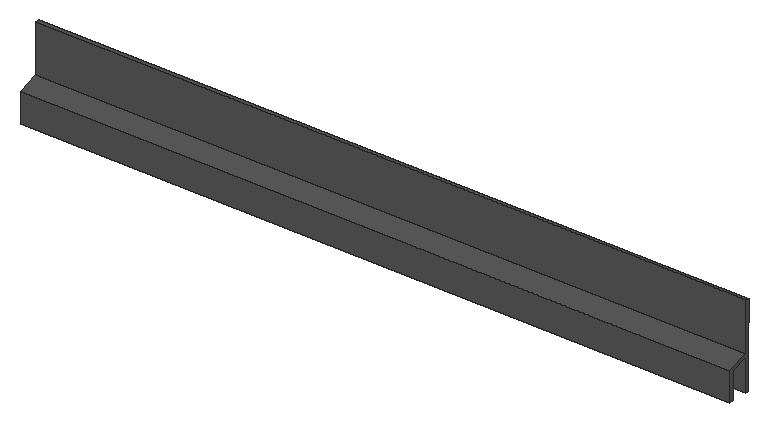
Revit family "Steni - Profile - Horizontal Joint HP 7-30", category Generic Models, Revit 2016
Family settings
  Part Type = Normal
  Can host rebar = No
  Round Connector Dimension = Use Diameter
  Work Plane-Based = No
  Always vertical = Yes
  Cut with Voids When Loaded = No
  Shared = No
  Room Calculation Point = No
Parameters (values of type "Anodized 15µ")
  Width = 0 mm
  URL = "http://bimobject.com/steni/product/steniprofiles_joint"
  Product family = "Steni Profiles"
  Model = "HP 7-30"
  Material main = Steni Aluminium Profile Black RAL9005
  Manufacturer = "www.steni.com"
  Height [instance] = 250 mm
  Description = "Aluminium profile for Steni facade systems"
  DepthSmall = 1 mm
  DepthBig = 5.48 mm
Types (3): name
  Anodized 15µ
  S 0502-Y White
  RAL 9005 Black
Reference planes
  plane 1 "Center (Front/Back)": y = 0
  plane 2: z = 0
  plane 3 "Center (Left/Right)": x = 0
  plane 4: y = -1
Forms (mm)
  Extrusion 1, solid, material "Steni Aluminium Profile Black RAL9005" <- "Material main"
    sketch origin (0.002, 3.209, 1) x (0, 1, 0) y (0, 0, -1)
      loop
        line (-11.209, 0.414) -> (-4.209, -1.792) -> (-4.209, -18.788) -> (-3.209, -18.788) -> (-3.209, -3.226) -> (-3.209, 10.587) -> (-4.209, 10.587) -> (-4.209, -0.651) -> (-10.209, 0.98) -> (-10.209, 10.587) -> (-11.209, 10.587) -> (-11.209, 0.414)
    from 0 to -249.998
Dimensions and locks
  "Height": plane 3 "Center (Left/Right)" to Extrusion 1
  "DepthSmall": plane 4 to plane 1 "Center (Front/Back)"
  aligned and locked: level to plane 2
  aligned and locked: Extrusion 1 sketch curve to plane 1 "Center (Front/Back)"
  aligned and locked: plane 1 "Center (Front/Back)" to Extrusion 1 sketch curve
  aligned and locked: plane 4 to Extrusion 1 sketch curve
  aligned and locked: Extrusion 1 sketch curve to plane 4
Automatic sketch dimensions
  level to Extrusion 1 sketch curve = 0.02 mm
  Extrusion 1 sketch curve to plane 4 = 6 mm
  level to Extrusion 1 sketch curve = 0.586 mm
  Extrusion 1 sketch curve to Extrusion 1 sketch curve = 1 mm
  Extrusion 1 sketch curve to Extrusion 1 sketch curve = 1.434 mm
  Extrusion 1 sketch curve to Extrusion 1 sketch curve = 16.996 mm
  Extrusion 1 sketch curve to Extrusion 1 sketch curve = 9.608 mm
  Extrusion 1 sketch curve to Extrusion 1 sketch curve = 0 mm
  level to Extrusion 1 sketch curve = 1.651 mm
  level to Extrusion 1 sketch curve = 2.792 mm
